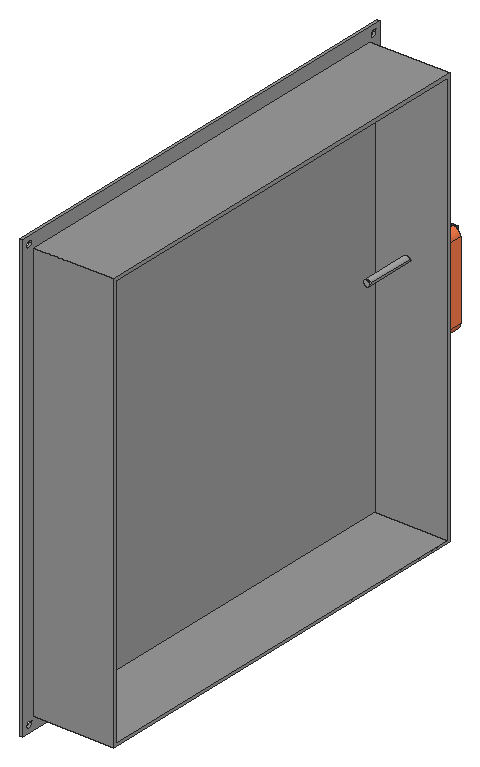
Revit family "КПД", category Арматура воздуховодов, Revit 2021
Family settings
  Размер круглого соединителя = Использовать диаметр
  Тип детали = Присоединяется
  На основе рабочей плоскости = Нет
  Всегда вертикально = Да
  При загрузке вырезать с полостями = Нет
  Общий = Нет
Parameters (values of type "КПД-800х800-1-ПВ24-СН")
  Размещение привода (снаружи) = yes
  Размещение привода (внутри) = no
  Отметка по умолчанию = 0 mm
  Количество створок = "1"
  Два фланца = no
  Hn = H + 10 mm  # 810 mm
  H3 = H / 2 - 100 mm  # 300 mm
  H2 = 860 mm
  Вес = "19 кг"
  H1 = 830 mm
  Bn = B + 10 mm  # 810 mm
  B3 = B1 / 2  # 415 mm
  B2 = 860 mm
  Voltage = 24 V
  Power = 18 VA
  Maximum Air Flow = 0.0 L/s
  Maintenance zone material = none
  Load Classification = "HVAC"
  H = 800 mm
  Grid Material = Cover Grid Cross
  B1 = 830 mm
  B = 800 mm
  Air Flow [instance] = 0.0 L/s
  09_System_Name [instance] = ""
  00_20_Type = "КПД-800х800-1-ПВ24-СН"
  00_20_Name = "Клапан протипожежний димовий"
  00_20_Manufacturer = "Вентс"  # constant formula
Types (185, lengths in mm): name | Размещение привода (снаружи) | Размещение привода (внутри) | Количество створок | Два фланца | Hn | H3 | H2 | Вес | H1 | Bn | B3 | B2 | Voltage | Power | H | B1 | B | 00_20_Type
  (no name) | yes | no | "1" | no | 810 | 300 | 860 | "19 кг" | 830 | 810 | 415 | 860 | 24 V | 18 VA | 800 | 830 | 800 | "КПД-800х800-1-ПВ24-СН"
  КПД-300х300-2-ПВ24-СН | yes | no | "1" | yes | 310 | 50 | 360 | "6.3 кг" | 330 | 310 | 165 | 360 | 24 V | 9 VA | 300 | 330 | 300 | "КПД-300х300-2-ПВ24-СН"
  КПД-1400х1400-2-ПВ24-СН | yes | no | "4" | yes | 1410 | 600 | 1460 | "48 кг" | 1430 | 1410 | 715 | 1460 | 24 V | 18 VA | 1400 | 1430 | 1400 | "КПД-1400х1400-2-ПВ24-СН"
  КПД-300х300-1-ПВ24-СН | yes | no | "1" | no | 310 | 50 | 360 | "6.3 кг" | 330 | 310 | 165 | 360 | 24 V | 9 VA | 300 | 330 | 300 | "КПД-300х300-1-ПВ24-СН"
  КПД-1400х1400-1-ПВ24-СН | yes | no | "4" | no | 1410 | 600 | 1460 | "48 кг" | 1430 | 1410 | 715 | 1460 | 24 V | 18 VA | 1400 | 1430 | 1400 | "КПД-1400х1400-1-ПВ24-СН"
  КПД-300х300-1-ПВ24-ВН | no | yes | "1" | no | 310 | 50 | 360 | "6.3 кг" | 330 | 310 | 165 | 360 | 24 V | 9 VA | 300 | 330 | 300 | "КПД-300х300-1-ПВ24-ВН"
  КПД-300х300-2-ПВ24-ВН | no | yes | "1" | yes | 310 | 50 | 360 | "6.3 кг" | 330 | 310 | 165 | 360 | 24 V | 9 VA | 300 | 330 | 300 | "КПД-300х300-2-ПВ24-ВН"
  КПД-1400х1400-1-ПВ24-ВН | no | yes | "4" | no | 1410 | 600 | 1460 | "48 кг" | 1430 | 1410 | 715 | 1460 | 24 V | 18 VA | 1400 | 1430 | 1400 | "КПД-1400х1400-1-ПВ24-ВН"
  КПД-1400х1400-2-ПВ24-ВН | no | yes | "4" | yes | 1410 | 600 | 1460 | "48 кг" | 1430 | 1410 | 715 | 1460 | 24 V | 18 VA | 1400 | 1430 | 1400 | "КПД-1400х1400-2-ПВ24-ВН"
  КПД-300х300-1-ПВ230-ВН | no | yes | "1" | no | 310 | 50 | 360 | "6.3 кг" | 330 | 310 | 165 | 360 | 230 V | 12 VA | 300 | 330 | 300 | "КПД-300х300-1-ПВ230-ВН"
  КПД-300х300-1-ПВ230-СН | yes | no | "1" | no | 310 | 50 | 360 | "6.3 кг" | 330 | 310 | 165 | 360 | 230 V | 12 VA | 300 | 330 | 300 | "КПД-300х300-1-ПВ230-СН"
  КПД-300х300-2-ПВ230-ВН | no | yes | "1" | yes | 310 | 50 | 360 | "6.3 кг" | 330 | 310 | 165 | 360 | 230 V | 12 VA | 300 | 330 | 300 | "КПД-300х300-2-ПВ230-ВН"
  КПД-300х300-2-ПВ230-СН | yes | no | "1" | yes | 310 | 50 | 360 | "6.3 кг" | 330 | 310 | 165 | 360 | 230 V | 12 VA | 300 | 330 | 300 | "КПД-300х300-2-ПВ230-СН"
  КПД-1400х1400-1-ПВ230-ВН | no | yes | "4" | no | 1410 | 600 | 1460 | "48 кг" | 1430 | 1410 | 715 | 1460 | 230 V | 15 VA | 1400 | 1430 | 1400 | "КПД-1400х1400-1-ПВ230-ВН"
  КПД-1400х1400-1-ПВ230-СН | yes | no | "4" | no | 1410 | 600 | 1460 | "48 кг" | 1430 | 1410 | 715 | 1460 | 230 V | 15 VA | 1400 | 1430 | 1400 | "КПД-1400х1400-1-ПВ230-СН"
  КПД-1400х1400-2-ПВ230-ВН | no | yes | "4" | yes | 1410 | 600 | 1460 | "48 кг" | 1430 | 1410 | 715 | 1460 | 230 V | 15 VA | 1400 | 1430 | 1400 | "КПД-1400х1400-2-ПВ230-ВН"
  КПД-1400х1400-2-ПВ230-СН | yes | no | "4" | yes | 1410 | 600 | 1460 | "48 кг" | 1430 | 1410 | 715 | 1460 | 230 V | 15 VA | 1400 | 1430 | 1400 | "КПД-1400х1400-2-ПВ230-СН"
  КПД-350х350-1-ПВ230-ВН | no | yes | "1" | no | 360 | 75 | 410 | "7.3 кг" | 380 | 360 | 190 | 410 | 230 V | 12 VA | 350 | 380 | 350 | "КПД-350х350-1-ПВ230-ВН"
  КПД-350х350-1-ПВ230-СН | yes | no | "1" | no | 360 | 75 | 410 | "7.3 кг" | 380 | 360 | 190 | 410 | 230 V | 12 VA | 350 | 380 | 350 | "КПД-350х350-1-ПВ230-СН"
  КПД-350х350-1-ПВ24-ВН | no | yes | "1" | no | 360 | 75 | 410 | "7.3 кг" | 380 | 360 | 190 | 410 | 24 V | 9 VA | 350 | 380 | 350 | "КПД-350х350-1-ПВ24-ВН"
  КПД-350х350-1-ПВ24-СН | yes | no | "1" | no | 360 | 75 | 410 | "7.3 кг" | 380 | 360 | 190 | 410 | 24 V | 9 VA | 350 | 380 | 350 | "КПД-350х350-1-ПВ24-СН"
  КПД-350х350-2-ПВ230-ВН | no | yes | "1" | yes | 360 | 75 | 410 | "7.3 кг" | 380 | 360 | 190 | 410 | 230 V | 12 VA | 350 | 380 | 350 | "КПД-350х350-2-ПВ230-ВН"
  КПД-350х350-2-ПВ230-СН | yes | no | "1" | yes | 360 | 75 | 410 | "7.3 кг" | 380 | 360 | 190 | 410 | 230 V | 12 VA | 350 | 380 | 350 | "КПД-350х350-2-ПВ230-СН"
  КПД-350х350-2-ПВ24-ВН | no | yes | "1" | yes | 360 | 75 | 410 | "7.3 кг" | 380 | 360 | 190 | 410 | 24 V | 9 VA | 350 | 380 | 350 | "КПД-350х350-2-ПВ24-ВН"
  КПД-350х350-2-ПВ24-СН | yes | no | "1" | yes | 360 | 75 | 410 | "7.3 кг" | 380 | 360 | 190 | 410 | 24 V | 9 VA | 350 | 380 | 350 | "КПД-350х350-2-ПВ24-СН"
  КПД-400х400-1-ПВ230-ВН | no | yes | "1" | no | 410 | 100 | 460 | "8.2 кг" | 430 | 410 | 215 | 460 | 230 V | 12 VA | 400 | 430 | 400 | "КПД-400х400-1-ПВ230-ВН"
  КПД-400х400-1-ПВ230-СН | yes | no | "1" | no | 410 | 100 | 460 | "8.2 кг" | 430 | 410 | 215 | 460 | 230 V | 12 VA | 400 | 430 | 400 | "КПД-400х400-1-ПВ230-СН"
  КПД-400х400-1-ПВ24-СН | yes | no | "1" | no | 410 | 100 | 460 | "8.2 кг" | 430 | 410 | 215 | 460 | 24 V | 9 VA | 400 | 430 | 400 | "КПД-400х400-1-ПВ24-СН"
  КПД-400х400-1-ПВ24-ВН | no | yes | "1" | no | 410 | 100 | 460 | "8.2 кг" | 430 | 410 | 215 | 460 | 24 V | 9 VA | 400 | 430 | 400 | "КПД-400х400-1-ПВ24-ВН"
  КПД-400х400-2-ПВ230-ВН | no | yes | "1" | yes | 410 | 100 | 460 | "8.2 кг" | 430 | 410 | 215 | 460 | 230 V | 12 VA | 400 | 430 | 400 | "КПД-400х400-2-ПВ230-ВН"
  КПД-400х400-2-ПВ230-СН | yes | no | "1" | yes | 410 | 100 | 460 | "8.2 кг" | 430 | 410 | 215 | 460 | 230 V | 12 VA | 400 | 430 | 400 | "КПД-400х400-2-ПВ230-СН"
  КПД-400х400-2-ПВ24-ВН | no | yes | "1" | yes | 410 | 100 | 460 | "8.2 кг" | 430 | 410 | 215 | 460 | 24 V | 9 VA | 400 | 430 | 400 | "КПД-400х400-2-ПВ24-ВН"
  КПД-400х400-2-ПВ24-СН | yes | no | "1" | yes | 410 | 100 | 460 | "8.2 кг" | 430 | 410 | 215 | 460 | 24 V | 9 VA | 400 | 430 | 400 | "КПД-400х400-2-ПВ24-СН"
  КПД-450х450-1-ПВ230-ВН | no | yes | "1" | no | 460 | 125 | 510 | "9.5 кг" | 480 | 460 | 240 | 510 | 230 V | 12 VA | 450 | 480 | 450 | "КПД-450х450-1-ПВ230-ВН"
  КПД-450х450-1-ПВ230-СН | yes | no | "1" | no | 460 | 125 | 510 | "9.5 кг" | 480 | 460 | 240 | 510 | 230 V | 12 VA | 450 | 480 | 450 | "КПД-450х450-1-ПВ230-СН"
  КПД-450х450-1-ПВ24-ВН | no | yes | "1" | no | 460 | 125 | 510 | "9.5 кг" | 480 | 460 | 240 | 510 | 24 V | 9 VA | 450 | 480 | 450 | "КПД-450х450-1-ПВ24-ВН"
  КПД-450х450-1-ПВ24-СН | yes | no | "1" | no | 460 | 125 | 510 | "9.5 кг" | 480 | 460 | 240 | 510 | 24 V | 9 VA | 450 | 480 | 450 | "КПД-450х450-1-ПВ24-СН"
  КПД-450х450-2-ПВ230-ВН | no | yes | "1" | yes | 460 | 125 | 510 | "9.5 кг" | 480 | 460 | 240 | 510 | 230 V | 12 VA | 450 | 480 | 450 | "КПД-450х450-2-ПВ230-ВН"
  КПД-450х450-2-ПВ230-СН | yes | no | "1" | yes | 460 | 125 | 510 | "9.5 кг" | 480 | 460 | 240 | 510 | 230 V | 12 VA | 450 | 480 | 450 | "КПД-450х450-2-ПВ230-СН"
  КПД-450х450-2-ПВ24-ВН | no | yes | "1" | yes | 460 | 125 | 510 | "9.5 кг" | 480 | 460 | 240 | 510 | 24 V | 9 VA | 450 | 480 | 450 | "КПД-450х450-2-ПВ24-ВН"
  КПД-450х450-2-ПВ24-СН | yes | no | "1" | yes | 460 | 125 | 510 | "9.5 кг" | 480 | 460 | 240 | 510 | 24 V | 9 VA | 450 | 480 | 450 | "КПД-450х450-2-ПВ24-СН"
  КПД-500х500-1-ПВ230-ВН | no | yes | "1" | no | 510 | 150 | 560 | "10.6 кг" | 530 | 510 | 265 | 560 | 230 V | 12 VA | 500 | 530 | 500 | "КПД-500х500-1-ПВ230-ВН"
  КПД-500х500-1-ПВ230-СН | yes | no | "1" | no | 510 | 150 | 560 | "10.6 кг" | 530 | 510 | 265 | 560 | 230 V | 12 VA | 500 | 530 | 500 | "КПД-500х500-1-ПВ230-СН"
  КПД-500х500-1-ПВ24-ВН | no | yes | "1" | no | 510 | 150 | 560 | "10.6 кг" | 530 | 510 | 265 | 560 | 24 V | 9 VA | 500 | 530 | 500 | "КПД-500х500-1-ПВ24-ВН"
  КПД-500х500-1-ПВ24-СН | yes | no | "1" | no | 510 | 150 | 560 | "10.6 кг" | 530 | 510 | 265 | 560 | 24 V | 9 VA | 500 | 530 | 500 | "КПД-500х500-1-ПВ24-СН"
  КПД-500х500-2-ПВ230-ВН | no | yes | "1" | yes | 510 | 150 | 560 | "10.6 кг" | 530 | 510 | 265 | 560 | 230 V | 12 VA | 500 | 530 | 500 | "КПД-500х500-2-ПВ230-ВН"
  КПД-500х500-2-ПВ230-СН | yes | no | "1" | yes | 510 | 150 | 560 | "10.6 кг" | 530 | 510 | 265 | 560 | 230 V | 12 VA | 500 | 530 | 500 | "КПД-500х500-2-ПВ230-СН"
  КПД-500х500-2-ПВ24-ВН | no | yes | "1" | yes | 510 | 150 | 560 | "10.6 кг" | 530 | 510 | 265 | 560 | 24 V | 9 VA | 500 | 530 | 500 | "КПД-500х500-2-ПВ24-ВН"
  КПД-500х500-2-ПВ24-СН | yes | no | "1" | yes | 510 | 150 | 560 | "10.6 кг" | 530 | 510 | 265 | 560 | 24 V | 9 VA | 500 | 530 | 500 | "КПД-500х500-2-ПВ24-СН"
  КПД-550х550-1-ПВ230-ВН | no | yes | "1" | no | 560 | 175 | 610 | "11.9 кг" | 580 | 560 | 290 | 610 | 230 V | 15 VA | 550 | 580 | 550 | "КПД-550х550-1-ПВ230-ВН"
  КПД-550х550-1-ПВ230-СН | yes | no | "1" | no | 560 | 175 | 610 | "11.9 кг" | 580 | 560 | 290 | 610 | 230 V | 15 VA | 550 | 580 | 550 | "КПД-550х550-1-ПВ230-СН"
  КПД-550х550-1-ПВ24-ВН | no | yes | "1" | no | 560 | 175 | 610 | "11.9 кг" | 580 | 560 | 290 | 610 | 24 V | 18 VA | 550 | 580 | 550 | "КПД-550х550-1-ПВ24-ВН"
  КПД-550х550-1-ПВ24-СН | yes | no | "1" | no | 560 | 175 | 610 | "11.9 кг" | 580 | 560 | 290 | 610 | 24 V | 18 VA | 550 | 580 | 550 | "КПД-550х550-1-ПВ24-СН"
  КПД-550х550-2-ПВ230-ВН | no | yes | "1" | yes | 560 | 175 | 610 | "11.9 кг" | 580 | 560 | 290 | 610 | 230 V | 15 VA | 550 | 580 | 550 | "КПД-550х550-2-ПВ230-ВН"
  КПД-550х550-2-ПВ230-СН | yes | no | "1" | yes | 560 | 175 | 610 | "11.9 кг" | 580 | 560 | 290 | 610 | 230 V | 15 VA | 550 | 580 | 550 | "КПД-550х550-2-ПВ230-СН"
  КПД-550х550-2-ПВ24-ВН | no | yes | "1" | yes | 560 | 175 | 610 | "11.9 кг" | 580 | 560 | 290 | 610 | 24 V | 18 VA | 550 | 580 | 550 | "КПД-550х550-2-ПВ24-ВН"
  КПД-550х550-2-ПВ24-СН | yes | no | "1" | yes | 560 | 175 | 610 | "11.9 кг" | 580 | 560 | 290 | 610 | 24 V | 18 VA | 550 | 580 | 550 | "КПД-550х550-2-ПВ24-СН"
  КПД-600х600-1-ПВ230-ВН | no | yes | "1" | no | 610 | 200 | 660 | "13.2 кг" | 630 | 610 | 315 | 660 | 230 V | 15 VA | 600 | 630 | 600 | "КПД-600х600-1-ПВ230-ВН"
  КПД-600х600-1-ПВ230-СН | yes | no | "1" | no | 610 | 200 | 660 | "13.2 кг" | 630 | 610 | 315 | 660 | 230 V | 15 VA | 600 | 630 | 600 | "КПД-600х600-1-ПВ230-СН"
  КПД-600х600-1-ПВ24-ВН | no | yes | "1" | no | 610 | 200 | 660 | "13.2 кг" | 630 | 610 | 315 | 660 | 24 V | 18 VA | 600 | 630 | 600 | "КПД-600х600-1-ПВ24-ВН"
  КПД-600х600-1-ПВ24-СН | yes | no | "1" | no | 610 | 200 | 660 | "13.2 кг" | 630 | 610 | 315 | 660 | 24 V | 18 VA | 600 | 630 | 600 | "КПД-600х600-1-ПВ24-СН"
  КПД-600х600-2-ПВ230-ВН | no | yes | "1" | yes | 610 | 200 | 660 | "13.2 кг" | 630 | 610 | 315 | 660 | 230 V | 15 VA | 600 | 630 | 600 | "КПД-600х600-2-ПВ230-ВН"
  КПД-600х600-2-ПВ230-СН | yes | no | "1" | yes | 610 | 200 | 660 | "13.2 кг" | 630 | 610 | 315 | 660 | 230 V | 15 VA | 600 | 630 | 600 | "КПД-600х600-2-ПВ230-СН"
  КПД-600х600-2-ПВ24-ВН | no | yes | "1" | yes | 610 | 200 | 660 | "13.2 кг" | 630 | 610 | 315 | 660 | 24 V | 18 VA | 600 | 630 | 600 | "КПД-600х600-2-ПВ24-ВН"
  КПД-600х600-2-ПВ24-СН | yes | no | "1" | yes | 610 | 200 | 660 | "13.2 кг" | 630 | 610 | 315 | 660 | 24 V | 18 VA | 600 | 630 | 600 | "КПД-600х600-2-ПВ24-СН"
  КПД-650х650-1-ПВ230-ВН | no | yes | "1" | no | 660 | 225 | 710 | "14.5 кг" | 680 | 660 | 340 | 710 | 230 V | 15 VA | 650 | 680 | 650 | "КПД-650х650-1-ПВ230-ВН"
  КПД-650х650-1-ПВ230-СН | yes | no | "1" | no | 660 | 225 | 710 | "14.5 кг" | 680 | 660 | 340 | 710 | 230 V | 15 VA | 650 | 680 | 650 | "КПД-650х650-1-ПВ230-СН"
  КПД-650х650-1-ПВ24-ВН | no | yes | "1" | no | 660 | 225 | 710 | "14.5 кг" | 680 | 660 | 340 | 710 | 24 V | 18 VA | 650 | 680 | 650 | "КПД-650х650-1-ПВ24-ВН"
  КПД-650х650-1-ПВ24-СН | yes | no | "1" | no | 660 | 225 | 710 | "14.5 кг" | 680 | 660 | 340 | 710 | 24 V | 18 VA | 650 | 680 | 650 | "КПД-650х650-1-ПВ24-СН"
  КПД-650х650-2-ПВ230-ВН | no | yes | "1" | yes | 660 | 225 | 710 | "14.5 кг" | 680 | 660 | 340 | 710 | 230 V | 15 VA | 650 | 680 | 650 | "КПД-650х650-2-ПВ230-ВН"
  КПД-650х650-2-ПВ230-СН | yes | no | "1" | yes | 660 | 225 | 710 | "14.5 кг" | 680 | 660 | 340 | 710 | 230 V | 15 VA | 650 | 680 | 650 | "КПД-650х650-2-ПВ230-СН"
  КПД-650х650-2-ПВ24-ВН | no | yes | "1" | yes | 660 | 225 | 710 | "14.5 кг" | 680 | 660 | 340 | 710 | 24 V | 18 VA | 650 | 680 | 650 | "КПД-650х650-2-ПВ24-ВН"
  КПД-650х650-2-ПВ24-СН | yes | no | "1" | yes | 660 | 225 | 710 | "14.5 кг" | 680 | 660 | 340 | 710 | 24 V | 18 VA | 650 | 680 | 650 | "КПД-650х650-2-ПВ24-СН"
  КПД-700х700-1-ПВ230-ВН | no | yes | "1" | no | 710 | 250 | 760 | "16 кг" | 730 | 710 | 365 | 760 | 230 V | 15 VA | 700 | 730 | 700 | "КПД-700х700-1-ПВ230-ВН"
  КПД-700х700-1-ПВ230-СН | yes | no | "1" | no | 710 | 250 | 760 | "16 кг" | 730 | 710 | 365 | 760 | 230 V | 15 VA | 700 | 730 | 700 | "КПД-700х700-1-ПВ230-СН"
  КПД-700х700-1-ПВ24-ВН | no | yes | "1" | no | 710 | 250 | 760 | "16 кг" | 730 | 710 | 365 | 760 | 24 V | 18 VA | 700 | 730 | 700 | "КПД-700х700-1-ПВ24-ВН"
  КПД-700х700-1-ПВ24-СН | yes | no | "1" | no | 710 | 250 | 760 | "16 кг" | 730 | 710 | 365 | 760 | 24 V | 18 VA | 700 | 730 | 700 | "КПД-700х700-1-ПВ24-СН"
  КПД-700х700-2-ПВ230-ВН | no | yes | "1" | yes | 710 | 250 | 760 | "16 кг" | 730 | 710 | 365 | 760 | 230 V | 15 VA | 700 | 730 | 700 | "КПД-700х700-2-ПВ230-ВН"
  КПД-700х700-2-ПВ230-СН | yes | no | "1" | yes | 710 | 250 | 760 | "16 кг" | 730 | 710 | 365 | 760 | 230 V | 15 VA | 700 | 730 | 700 | "КПД-700х700-2-ПВ230-СН"
  КПД-700х700-2-ПВ24-ВН | no | yes | "1" | yes | 710 | 250 | 760 | "16 кг" | 730 | 710 | 365 | 760 | 24 V | 18 VA | 700 | 730 | 700 | "КПД-700х700-2-ПВ24-ВН"
  КПД-700х700-2-ПВ24-СН | yes | no | "1" | yes | 710 | 250 | 760 | "16 кг" | 730 | 710 | 365 | 760 | 24 V | 18 VA | 700 | 730 | 700 | "КПД-700х700-2-ПВ24-СН"
  КПД-750х750-1-ПВ230-ВН | no | yes | "1" | no | 760 | 275 | 810 | "17.4 кг" | 780 | 760 | 390 | 810 | 230 V | 15 VA | 750 | 780 | 750 | "КПД-750х750-1-ПВ230-ВН"
  КПД-750х750-1-ПВ230-СН | yes | no | "1" | no | 760 | 275 | 810 | "17.4 кг" | 780 | 760 | 390 | 810 | 230 V | 15 VA | 750 | 780 | 750 | "КПД-750х750-1-ПВ230-СН"
  КПД-750х750-1-ПВ24-ВН | no | yes | "1" | no | 760 | 275 | 810 | "17.4 кг" | 780 | 760 | 390 | 810 | 24 V | 18 VA | 750 | 780 | 750 | "КПД-750х750-1-ПВ24-ВН"
  КПД-750х750-1-ПВ24-СН | yes | no | "1" | no | 760 | 275 | 810 | "17.4 кг" | 780 | 760 | 390 | 810 | 24 V | 18 VA | 750 | 780 | 750 | "КПД-750х750-1-ПВ24-СН"
  КПД-750х750-2-ПВ230-ВН | no | yes | "1" | yes | 760 | 275 | 810 | "17.4 кг" | 780 | 760 | 390 | 810 | 230 V | 15 VA | 750 | 780 | 750 | "КПД-750х750-2-ПВ230-ВН"
  КПД-750х750-2-ПВ230-СН | yes | no | "1" | yes | 760 | 275 | 810 | "17.4 кг" | 780 | 760 | 390 | 810 | 230 V | 15 VA | 750 | 780 | 750 | "КПД-750х750-2-ПВ230-СН"
  КПД-750х750-2-ПВ24-ВН | no | yes | "1" | yes | 760 | 275 | 810 | "17.4 кг" | 780 | 760 | 390 | 810 | 24 V | 18 VA | 750 | 780 | 750 | "КПД-750х750-2-ПВ24-ВН"
  КПД-750х750-2-ПВ24-СН | yes | no | "1" | yes | 760 | 275 | 810 | "17.4 кг" | 780 | 760 | 390 | 810 | 24 V | 18 VA | 750 | 780 | 750 | "КПД-750х750-2-ПВ24-СН"
  КПД-800х800-1-ПВ230-ВН | no | yes | "1" | no | 810 | 300 | 860 | "19 кг" | 830 | 810 | 415 | 860 | 230 V | 15 VA | 800 | 830 | 800 | "КПД-800х800-1-ПВ230-ВН"
  КПД-800х800-1-ПВ230-СН | yes | no | "1" | no | 810 | 300 | 860 | "19 кг" | 830 | 810 | 415 | 860 | 230 V | 15 VA | 800 | 830 | 800 | "КПД-800х800-1-ПВ230-СН"
  КПД-800х800-1-ПВ24-ВН | no | yes | "1" | no | 810 | 300 | 860 | "19 кг" | 830 | 810 | 415 | 860 | 24 V | 18 VA | 800 | 830 | 800 | "КПД-800х800-1-ПВ24-ВН"
  КПД-800х800-1-ПВ24-СН | yes | no | "1" | no | 810 | 300 | 860 | "19 кг" | 830 | 810 | 415 | 860 | 24 V | 18 VA | 800 | 830 | 800 | "КПД-800х800-1-ПВ24-СН"
  КПД-800х800-2-ПВ230-ВН | no | yes | "1" | yes | 810 | 300 | 860 | "19 кг" | 830 | 810 | 415 | 860 | 230 V | 15 VA | 800 | 830 | 800 | "КПД-800х800-2-ПВ230-ВН"
  КПД-800х800-2-ПВ230-СН | yes | no | "1" | yes | 810 | 300 | 860 | "19 кг" | 830 | 810 | 415 | 860 | 230 V | 15 VA | 800 | 830 | 800 | "КПД-800х800-2-ПВ230-СН"
  КПД-800х800-2-ПВ24-ВН | no | yes | "1" | yes | 810 | 300 | 860 | "19 кг" | 830 | 810 | 415 | 860 | 24 V | 18 VA | 800 | 830 | 800 | "КПД-800х800-2-ПВ24-ВН"
  КПД-800х800-2-ПВ24-СН | yes | no | "1" | yes | 810 | 300 | 860 | "19 кг" | 830 | 810 | 415 | 860 | 24 V | 18 VA | 800 | 830 | 800 | "КПД-800х800-2-ПВ24-СН"
  КПД-850х850-1-ПВ230-ВН | no | yes | "1" | no | 860 | 325 | 910 | "20.6 кг" | 880 | 860 | 440 | 910 | 230 V | 15 VA | 850 | 880 | 850 | "КПД-850х850-1-ПВ230-ВН"
  КПД-850х850-1-ПВ230-СН | yes | no | "1" | no | 860 | 325 | 910 | "20.6 кг" | 880 | 860 | 440 | 910 | 230 V | 15 VA | 850 | 880 | 850 | "КПД-850х850-1-ПВ230-СН"
  КПД-850х850-1-ПВ24-ВН | no | yes | "1" | no | 860 | 325 | 910 | "20.6 кг" | 880 | 860 | 440 | 910 | 24 V | 18 VA | 850 | 880 | 850 | "КПД-850х850-1-ПВ24-ВН"
  КПД-850х850-1-ПВ24-СН | yes | no | "1" | no | 860 | 325 | 910 | "20.6 кг" | 880 | 860 | 440 | 910 | 24 V | 18 VA | 850 | 880 | 850 | "КПД-850х850-1-ПВ24-СН"
  КПД-850х850-2-ПВ230-ВН | no | yes | "1" | yes | 860 | 325 | 910 | "20.6 кг" | 880 | 860 | 440 | 910 | 230 V | 15 VA | 850 | 880 | 850 | "КПД-850х850-2-ПВ230-ВН"
  КПД-850х850-2-ПВ230-СН | yes | no | "1" | yes | 860 | 325 | 910 | "20.6 кг" | 880 | 860 | 440 | 910 | 230 V | 15 VA | 850 | 880 | 850 | "КПД-850х850-2-ПВ230-СН"
  КПД-850х850-2-ПВ24-ВН | no | yes | "1" | yes | 860 | 325 | 910 | "20.6 кг" | 880 | 860 | 440 | 910 | 24 V | 18 VA | 850 | 880 | 850 | "КПД-850х850-2-ПВ24-ВН"
  КПД-850х850-2-ПВ24-СН | yes | no | "1" | yes | 860 | 325 | 910 | "20.6 кг" | 880 | 860 | 440 | 910 | 24 V | 18 VA | 850 | 880 | 850 | "КПД-850х850-2-ПВ24-СН"
  КПД-900х900-1-ПВ230-ВН | no | yes | "1" | no | 910 | 350 | 960 | "19 кг" | 930 | 910 | 465 | 960 | 230 V | 15 VA | 900 | 930 | 900 | "КПД-900х900-1-ПВ230-ВН"
  КПД-900х900-1-ПВ230-СН | yes | no | "1" | no | 910 | 350 | 960 | "19 кг" | 930 | 910 | 465 | 960 | 230 V | 15 VA | 900 | 930 | 900 | "КПД-900х900-1-ПВ230-СН"
  КПД-900х900-1-ПВ24-ВН | no | yes | "1" | no | 910 | 350 | 960 | "19 кг" | 930 | 910 | 465 | 960 | 24 V | 18 VA | 900 | 930 | 900 | "КПД-900х900-1-ПВ24-ВН"
  КПД-900х900-1-ПВ24-СН | yes | no | "1" | no | 910 | 350 | 960 | "19 кг" | 930 | 910 | 465 | 960 | 24 V | 18 VA | 900 | 930 | 900 | "КПД-900х900-1-ПВ24-СН"
  КПД-900х900-2-ПВ230-ВН | no | yes | "1" | yes | 910 | 350 | 960 | "19 кг" | 930 | 910 | 465 | 960 | 230 V | 15 VA | 900 | 930 | 900 | "КПД-900х900-2-ПВ230-ВН"
  КПД-900х900-2-ПВ230-СН | yes | no | "1" | yes | 910 | 350 | 960 | "19 кг" | 930 | 910 | 465 | 960 | 230 V | 15 VA | 900 | 930 | 900 | "КПД-900х900-2-ПВ230-СН"
  КПД-900х900-2-ПВ24-ВН | no | yes | "1" | yes | 910 | 350 | 960 | "19 кг" | 930 | 910 | 465 | 960 | 24 V | 18 VA | 900 | 930 | 900 | "КПД-900х900-2-ПВ24-ВН"
  КПД-900х900-2-ПВ24-СН | yes | no | "1" | yes | 910 | 350 | 960 | "19 кг" | 930 | 910 | 465 | 960 | 24 V | 18 VA | 900 | 930 | 900 | "КПД-900х900-2-ПВ24-СН"
  КПД-950х950-1-ПВ230-ВН | no | yes | "1" | no | 960 | 375 | 1010 | "23.9 кг" | 980 | 960 | 490 | 1010 | 230 V | 15 VA | 950 | 980 | 950 | "КПД-950х950-1-ПВ230-ВН"
  КПД-950х950-1-ПВ230-СН | yes | no | "1" | no | 960 | 375 | 1010 | "23.9 кг" | 980 | 960 | 490 | 1010 | 230 V | 15 VA | 950 | 980 | 950 | "КПД-950х950-1-ПВ230-СН"
  КПД-950х950-1-ПВ24-ВН | no | yes | "1" | no | 960 | 375 | 1010 | "23.9 кг" | 980 | 960 | 490 | 1010 | 24 V | 18 VA | 950 | 980 | 950 | "КПД-950х950-1-ПВ24-ВН"
  КПД-950х950-1-ПВ24-СН | yes | no | "1" | no | 960 | 375 | 1010 | "23.9 кг" | 980 | 960 | 490 | 1010 | 24 V | 18 VA | 950 | 980 | 950 | "КПД-950х950-1-ПВ24-СН"
  КПД-950х950-2-ПВ230-ВН | no | yes | "1" | yes | 960 | 375 | 1010 | "23.9 кг" | 980 | 960 | 490 | 1010 | 230 V | 15 VA | 950 | 980 | 950 | "КПД-950х950-2-ПВ230-ВН"
  КПД-950х950-2-ПВ230-СН | yes | no | "1" | yes | 960 | 375 | 1010 | "23.9 кг" | 980 | 960 | 490 | 1010 | 230 V | 15 VA | 950 | 980 | 950 | "КПД-950х950-2-ПВ230-СН"
  КПД-950х950-2-ПВ24-ВН | no | yes | "1" | yes | 960 | 375 | 1010 | "23.9 кг" | 980 | 960 | 490 | 1010 | 24 V | 18 VA | 950 | 980 | 950 | "КПД-950х950-2-ПВ24-ВН"
  КПД-950х950-2-ПВ24-СН | yes | no | "1" | yes | 960 | 375 | 1010 | "23.9 кг" | 980 | 960 | 490 | 1010 | 24 V | 18 VA | 950 | 980 | 950 | "КПД-950х950-2-ПВ24-СН"
  КПД-1000х1000-1-ПВ230-ВН | no | yes | "1" | no | 1010 | 400 | 1060 | "25.6 кг" | 1030 | 1010 | 515 | 1060 | 230 V | 15 VA | 1000 | 1030 | 1000 | "КПД-1000х1000-1-ПВ230-ВН"
  КПД-1000х1000-1-ПВ230-СН | yes | no | "1" | no | 1010 | 400 | 1060 | "25.6 кг" | 1030 | 1010 | 515 | 1060 | 230 V | 15 VA | 1000 | 1030 | 1000 | "КПД-1000х1000-1-ПВ230-СН"
  КПД-1000х1000-1-ПВ24-ВН | no | yes | "1" | no | 1010 | 400 | 1060 | "25.6 кг" | 1030 | 1010 | 515 | 1060 | 24 V | 18 VA | 1000 | 1030 | 1000 | "КПД-1000х1000-1-ПВ24-ВН"
  КПД-1000х1000-1-ПВ24-СН | yes | no | "1" | no | 1010 | 400 | 1060 | "25.6 кг" | 1030 | 1010 | 515 | 1060 | 24 V | 18 VA | 1000 | 1030 | 1000 | "КПД-1000х1000-1-ПВ24-СН"
  КПД-1000х1000-2-ПВ230-ВН | no | yes | "1" | yes | 1010 | 400 | 1060 | "25.6 кг" | 1030 | 1010 | 515 | 1060 | 230 V | 15 VA | 1000 | 1030 | 1000 | "КПД-1000х1000-2-ПВ230-ВН"
  КПД-1000х1000-2-ПВ230-СН | yes | no | "1" | yes | 1010 | 400 | 1060 | "25.6 кг" | 1030 | 1010 | 515 | 1060 | 230 V | 15 VA | 1000 | 1030 | 1000 | "КПД-1000х1000-2-ПВ230-СН"
  КПД-1000х1000-2-ПВ24-ВН | no | yes | "1" | yes | 1010 | 400 | 1060 | "25.6 кг" | 1030 | 1010 | 515 | 1060 | 24 V | 18 VA | 1000 | 1030 | 1000 | "КПД-1000х1000-2-ПВ24-ВН"
  КПД-1000х1000-2-ПВ24-СН | yes | no | "1" | yes | 1010 | 400 | 1060 | "25.6 кг" | 1030 | 1010 | 515 | 1060 | 24 V | 18 VA | 1000 | 1030 | 1000 | "КПД-1000х1000-2-ПВ24-СН"
  КПД-1050х1050-1-ПВ230-ВН | no | yes | "2" | no | 1060 | 425 | 1110 | "28 кг" | 1080 | 1060 | 540 | 1110 | 230 V | 15 VA | 1050 | 1080 | 1050 | "КПД-1050х1050-1-ПВ230-ВН"
  КПД-1050х1050-1-ПВ230-СН | yes | no | "2" | no | 1060 | 425 | 1110 | "28 кг" | 1080 | 1060 | 540 | 1110 | 230 V | 15 VA | 1050 | 1080 | 1050 | "КПД-1050х1050-1-ПВ230-СН"
  КПД-1050х1050-1-ПВ24-ВН | no | yes | "2" | no | 1060 | 425 | 1110 | "28 кг" | 1080 | 1060 | 540 | 1110 | 24 V | 18 VA | 1050 | 1080 | 1050 | "КПД-1050х1050-1-ПВ24-ВН"
  КПД-1050х1050-1-ПВ24-СН | yes | no | "2" | no | 1060 | 425 | 1110 | "28 кг" | 1080 | 1060 | 540 | 1110 | 24 V | 18 VA | 1050 | 1080 | 1050 | "КПД-1050х1050-1-ПВ24-СН"
  КПД-1050х1050-2-ПВ230-ВН | no | yes | "2" | yes | 1060 | 425 | 1110 | "28 кг" | 1080 | 1060 | 540 | 1110 | 230 V | 15 VA | 1050 | 1080 | 1050 | "КПД-1050х1050-2-ПВ230-ВН"
  КПД-1050х1050-2-ПВ230-СН | yes | no | "2" | yes | 1060 | 425 | 1110 | "28 кг" | 1080 | 1060 | 540 | 1110 | 230 V | 15 VA | 1050 | 1080 | 1050 | "КПД-1050х1050-2-ПВ230-СН"
  КПД-1050х1050-2-ПВ24-ВН | no | yes | "2" | yes | 1060 | 425 | 1110 | "28 кг" | 1080 | 1060 | 540 | 1110 | 24 V | 18 VA | 1050 | 1080 | 1050 | "КПД-1050х1050-2-ПВ24-ВН"
  КПД-1050х1050-2-ПВ24-СН | yes | no | "2" | yes | 1060 | 425 | 1110 | "28 кг" | 1080 | 1060 | 540 | 1110 | 24 V | 18 VA | 1050 | 1080 | 1050 | "КПД-1050х1050-2-ПВ24-СН"
  КПД-1100х1100-1-ПВ230-ВН | no | yes | "2" | no | 1110 | 450 | 1160 | "30.5 кг" | 1130 | 1110 | 565 | 1160 | 230 V | 15 VA | 1100 | 1130 | 1100 | "КПД-1100х1100-1-ПВ230-ВН"
  КПД-1100х1100-1-ПВ230-СН | yes | no | "2" | no | 1110 | 450 | 1160 | "30.5 кг" | 1130 | 1110 | 565 | 1160 | 230 V | 15 VA | 1100 | 1130 | 1100 | "КПД-1100х1100-1-ПВ230-СН"
  КПД-1100х1100-1-ПВ24-ВН | no | yes | "2" | no | 1110 | 450 | 1160 | "30.5 кг" | 1130 | 1110 | 565 | 1160 | 24 V | 18 VA | 1100 | 1130 | 1100 | "КПД-1100х1100-1-ПВ24-ВН"
  КПД-1100х1100-1-ПВ24-СН | yes | no | "2" | no | 1110 | 450 | 1160 | "30.5 кг" | 1130 | 1110 | 565 | 1160 | 24 V | 18 VA | 1100 | 1130 | 1100 | "КПД-1100х1100-1-ПВ24-СН"
  КПД-1100х1100-2-ПВ230-ВН | no | yes | "2" | yes | 1110 | 450 | 1160 | "30.5 кг" | 1130 | 1110 | 565 | 1160 | 230 V | 15 VA | 1100 | 1130 | 1100 | "КПД-1100х1100-2-ПВ230-ВН"
  КПД-1100х1100-2-ПВ230-СН | yes | no | "2" | yes | 1110 | 450 | 1160 | "30.5 кг" | 1130 | 1110 | 565 | 1160 | 230 V | 15 VA | 1100 | 1130 | 1100 | "КПД-1100х1100-2-ПВ230-СН"
  КПД-1100х1100-2-ПВ24-ВН | no | yes | "2" | yes | 1110 | 450 | 1160 | "30.5 кг" | 1130 | 1110 | 565 | 1160 | 24 V | 18 VA | 1100 | 1130 | 1100 | "КПД-1100х1100-2-ПВ24-ВН"
  КПД-1100х1100-2-ПВ24-СН | yes | no | "2" | yes | 1110 | 450 | 1160 | "30.5 кг" | 1130 | 1110 | 565 | 1160 | 24 V | 18 VA | 1100 | 1130 | 1100 | "КПД-1100х1100-2-ПВ24-СН"
  КПД-1150х1150-1-ПВ230-ВН | no | yes | "2" | no | 1160 | 475 | 1210 | "33 кг" | 1180 | 1160 | 590 | 1210 | 230 V | 15 VA | 1150 | 1180 | 1150 | "КПД-1150х1150-1-ПВ230-ВН"
  КПД-1150х1150-1-ПВ230-СН | yes | no | "2" | no | 1160 | 475 | 1210 | "33 кг" | 1180 | 1160 | 590 | 1210 | 230 V | 15 VA | 1150 | 1180 | 1150 | "КПД-1150х1150-1-ПВ230-СН"
  КПД-1150х1150-1-ПВ24-ВН | no | yes | "2" | no | 1160 | 475 | 1210 | "33 кг" | 1180 | 1160 | 590 | 1210 | 24 V | 18 VA | 1150 | 1180 | 1150 | "КПД-1150х1150-1-ПВ24-ВН"
  КПД-1150х1150-1-ПВ24-СН | yes | no | "2" | no | 1160 | 475 | 1210 | "33 кг" | 1180 | 1160 | 590 | 1210 | 24 V | 18 VA | 1150 | 1180 | 1150 | "КПД-1150х1150-1-ПВ24-СН"
  КПД-1150х1150-2-ПВ230-ВН | no | yes | "2" | yes | 1160 | 475 | 1210 | "33 кг" | 1180 | 1160 | 590 | 1210 | 230 V | 15 VA | 1150 | 1180 | 1150 | "КПД-1150х1150-2-ПВ230-ВН"
  КПД-1150х1150-2-ПВ230-СН | yes | no | "2" | yes | 1160 | 475 | 1210 | "33 кг" | 1180 | 1160 | 590 | 1210 | 230 V | 15 VA | 1150 | 1180 | 1150 | "КПД-1150х1150-2-ПВ230-СН"
  КПД-1150х1150-2-ПВ24-ВН | no | yes | "2" | yes | 1160 | 475 | 1210 | "33 кг" | 1180 | 1160 | 590 | 1210 | 24 V | 18 VA | 1150 | 1180 | 1150 | "КПД-1150х1150-2-ПВ24-ВН"
  КПД-1150х1150-2-ПВ24-СН | yes | no | "2" | yes | 1160 | 475 | 1210 | "33 кг" | 1180 | 1160 | 590 | 1210 | 24 V | 18 VA | 1150 | 1180 | 1150 | "КПД-1150х1150-2-ПВ24-СН"
  КПД-1200х1200-1-ПВ230-ВН | no | yes | "2" | no | 1210 | 500 | 1260 | "35.5 кг" | 1230 | 1210 | 615 | 1260 | 230 V | 15 VA | 1200 | 1230 | 1200 | "КПД-1200х1200-1-ПВ230-ВН"
  КПД-1200х1200-1-ПВ230-СН | yes | no | "2" | no | 1210 | 500 | 1260 | "35.5 кг" | 1230 | 1210 | 615 | 1260 | 230 V | 15 VA | 1200 | 1230 | 1200 | "КПД-1200х1200-1-ПВ230-СН"
  КПД-1200х1200-1-ПВ24-ВН | no | yes | "2" | no | 1210 | 500 | 1260 | "35.5 кг" | 1230 | 1210 | 615 | 1260 | 24 V | 18 VA | 1200 | 1230 | 1200 | "КПД-1200х1200-1-ПВ24-ВН"
  КПД-1200х1200-1-ПВ24-СН | yes | no | "2" | no | 1210 | 500 | 1260 | "35.5 кг" | 1230 | 1210 | 615 | 1260 | 24 V | 18 VA | 1200 | 1230 | 1200 | "КПД-1200х1200-1-ПВ24-СН"
  КПД-1200х1200-2-ПВ230-ВН | no | yes | "2" | yes | 1210 | 500 | 1260 | "35.5 кг" | 1230 | 1210 | 615 | 1260 | 230 V | 15 VA | 1200 | 1230 | 1200 | "КПД-1200х1200-2-ПВ230-ВН"
  КПД-1200х1200-2-ПВ230-СН | yes | no | "2" | yes | 1210 | 500 | 1260 | "35.5 кг" | 1230 | 1210 | 615 | 1260 | 230 V | 15 VA | 1200 | 1230 | 1200 | "КПД-1200х1200-2-ПВ230-СН"
  КПД-1200х1200-2-ПВ24-ВН | no | yes | "2" | yes | 1210 | 500 | 1260 | "35.5 кг" | 1230 | 1210 | 615 | 1260 | 24 V | 18 VA | 1200 | 1230 | 1200 | "КПД-1200х1200-2-ПВ24-ВН"
  КПД-1200х1200-2-ПВ24-СН | yes | no | "2" | yes | 1210 | 500 | 1260 | "35.5 кг" | 1230 | 1210 | 615 | 1260 | 24 V | 18 VA | 1200 | 1230 | 1200 | "КПД-1200х1200-2-ПВ24-СН"
  КПД-1250х1250-1-ПВ230-ВН | no | yes | "2" | no | 1260 | 525 | 1310 | "38 кг" | 1280 | 1260 | 640 | 1310 | 230 V | 15 VA | 1250 | 1280 | 1250 | "КПД-1250х1250-1-ПВ230-ВН"
  КПД-1250х1250-1-ПВ230-СН | yes | no | "2" | no | 1260 | 525 | 1310 | "38 кг" | 1280 | 1260 | 640 | 1310 | 230 V | 15 VA | 1250 | 1280 | 1250 | "КПД-1250х1250-1-ПВ230-СН"
  КПД-1250х1250-1-ПВ24-ВН | no | yes | "2" | no | 1260 | 525 | 1310 | "38 кг" | 1280 | 1260 | 640 | 1310 | 24 V | 18 VA | 1250 | 1280 | 1250 | "КПД-1250х1250-1-ПВ24-ВН"
  КПД-1250х1250-1-ПВ24-СН | yes | no | "2" | no | 1260 | 525 | 1310 | "38 кг" | 1280 | 1260 | 640 | 1310 | 24 V | 18 VA | 1250 | 1280 | 1250 | "КПД-1250х1250-1-ПВ24-СН"
  КПД-1250х1250-2-ПВ230-ВН | no | yes | "2" | yes | 1260 | 525 | 1310 | "38 кг" | 1280 | 1260 | 640 | 1310 | 230 V | 15 VA | 1250 | 1280 | 1250 | "КПД-1250х1250-2-ПВ230-ВН"
  КПД-1250х1250-2-ПВ230-СН | yes | no | "2" | yes | 1260 | 525 | 1310 | "38 кг" | 1280 | 1260 | 640 | 1310 | 230 V | 15 VA | 1250 | 1280 | 1250 | "КПД-1250х1250-2-ПВ230-СН"
  КПД-1250х1250-2-ПВ24-ВН | no | yes | "2" | yes | 1260 | 525 | 1310 | "38 кг" | 1280 | 1260 | 640 | 1310 | 24 V | 18 VA | 1250 | 1280 | 1250 | "КПД-1250х1250-2-ПВ24-ВН"
  КПД-1250х1250-2-ПВ24-СН | yes | no | "2" | yes | 1260 | 525 | 1310 | "38 кг" | 1280 | 1260 | 640 | 1310 | 24 V | 18 VA | 1250 | 1280 | 1250 | "КПД-1250х1250-2-ПВ24-СН"
  КПД-1300х1300-1-ПВ230-ВН | no | yes | "4" | no | 1310 | 550 | 1360 | "42 кг" | 1330 | 1310 | 665 | 1360 | 230 V | 15 VA | 1300 | 1330 | 1300 | "КПД-1300х1300-1-ПВ230-ВН"
  КПД-1300х1300-1-ПВ230-СН | yes | no | "4" | no | 1310 | 550 | 1360 | "42 кг" | 1330 | 1310 | 665 | 1360 | 230 V | 15 VA | 1300 | 1330 | 1300 | "КПД-1300х1300-1-ПВ230-СН"
  КПД-1300х1300-1-ПВ24-ВН | no | yes | "4" | no | 1310 | 550 | 1360 | "42 кг" | 1330 | 1310 | 665 | 1360 | 24 V | 18 VA | 1300 | 1330 | 1300 | "КПД-1300х1300-1-ПВ24-ВН"
  КПД-1300х1300-1-ПВ24-СН | yes | no | "4" | no | 1310 | 550 | 1360 | "42 кг" | 1330 | 1310 | 665 | 1360 | 24 V | 18 VA | 1300 | 1330 | 1300 | "КПД-1300х1300-1-ПВ24-СН"
  КПД-1300х1300-2-ПВ230-ВН | no | yes | "4" | yes | 1310 | 550 | 1360 | "42 кг" | 1330 | 1310 | 665 | 1360 | 230 V | 15 VA | 1300 | 1330 | 1300 | "КПД-1300х1300-2-ПВ230-ВН"
  КПД-1300х1300-2-ПВ230-СН | yes | no | "4" | yes | 1310 | 550 | 1360 | "42 кг" | 1330 | 1310 | 665 | 1360 | 230 V | 15 VA | 1300 | 1330 | 1300 | "КПД-1300х1300-2-ПВ230-СН"
  КПД-1300х1300-2-ПВ24-ВН | no | yes | "4" | yes | 1310 | 550 | 1360 | "42 кг" | 1330 | 1310 | 665 | 1360 | 24 V | 18 VA | 1300 | 1330 | 1300 | "КПД-1300х1300-2-ПВ24-ВН"
  КПД-1300х1300-2-ПВ24-СН | yes | no | "4" | yes | 1310 | 550 | 1360 | "42 кг" | 1330 | 1310 | 665 | 1360 | 24 V | 18 VA | 1300 | 1330 | 1300 | "КПД-1300х1300-2-ПВ24-СН"
  КПД-1350х1350-1-ПВ230-ВН | no | yes | "4" | no | 1360 | 575 | 1410 | "45 кг" | 1380 | 1360 | 690 | 1410 | 230 V | 15 VA | 1350 | 1380 | 1350 | "КПД-1350х1350-1-ПВ230-ВН"
  КПД-1350х1350-1-ПВ230-СН | yes | no | "4" | no | 1360 | 575 | 1410 | "45 кг" | 1380 | 1360 | 690 | 1410 | 230 V | 15 VA | 1350 | 1380 | 1350 | "КПД-1350х1350-1-ПВ230-СН"
  КПД-1350х1350-1-ПВ24-ВН | no | yes | "4" | no | 1360 | 575 | 1410 | "45 кг" | 1380 | 1360 | 690 | 1410 | 24 V | 18 VA | 1350 | 1380 | 1350 | "КПД-1350х1350-1-ПВ24-ВН"
  КПД-1350х1350-1-ПВ24-СН | yes | no | "4" | no | 1360 | 575 | 1410 | "45 кг" | 1380 | 1360 | 690 | 1410 | 24 V | 18 VA | 1350 | 1380 | 1350 | "КПД-1350х1350-1-ПВ24-СН"
  КПД-1350х1350-2-ПВ230-ВН | no | yes | "4" | yes | 1360 | 575 | 1410 | "45 кг" | 1380 | 1360 | 690 | 1410 | 230 V | 15 VA | 1350 | 1380 | 1350 | "КПД-1350х1350-2-ПВ230-ВН"
  КПД-1350х1350-2-ПВ230-СН | yes | no | "4" | yes | 1360 | 575 | 1410 | "45 кг" | 1380 | 1360 | 690 | 1410 | 230 V | 15 VA | 1350 | 1380 | 1350 | "КПД-1350х1350-2-ПВ230-СН"
  КПД-1350х1350-2-ПВ24-ВН | no | yes | "4" | yes | 1360 | 575 | 1410 | "45 кг" | 1380 | 1360 | 690 | 1410 | 24 V | 18 VA | 1350 | 1380 | 1350 | "КПД-1350х1350-2-ПВ24-ВН"
  КПД-1350х1350-2-ПВ24-СН | yes | no | "4" | yes | 1360 | 575 | 1410 | "45 кг" | 1380 | 1360 | 690 | 1410 | 24 V | 18 VA | 1350 | 1380 | 1350 | "КПД-1350х1350-2-ПВ24-СН"
Reference planes
  plane 1 "По центру (Вперед/Назад)": y = 0
  plane 2: z = 0
  plane 3 "По центру (Влево/Вправо)": x = 0
  plane 4: z = 415
  plane 5: z = -415
  plane 6: y = 415
  plane 7: y = -415
Forms (mm)
  Extrusion 1, solid, material "Сталь, гальванизированная", visible <- "Два фланца"
    sketch origin (0, 0, 0) x (0, 1, 0) y (0, 0, 1)
      loop
        line (405, -405) -> (405, 405) -> (-405, 405) -> (-405, -405) -> (405, -405)
      loop
        line (430, -430) -> (430, 430) -> (-430, 430) -> (-430, -430) -> (430, -430)
      loop
        circle (415, 415) r 7
      loop
        circle (-415, 415) r 7
      loop
        circle (-415, -415) r 7
      loop
        circle (415, -415) r 7
    from 75 to 80
  Extrusion 2, solid, material "Сталь, гальванизированная"
    sketch origin (0, 0, 0) x (0, 1, 0) y (0, 0, 1)
      loop
        line (400, -400) -> (400, 400) -> (-400, 400) -> (-400, -400) -> (400, -400)
      loop
        line (430, -430) -> (430, 430) -> (-430, 430) -> (-430, -430) -> (430, -430)
      loop
        circle (415, -415) r 7
      loop
        circle (-415, -415) r 7
      loop
        circle (-415, 415) r 7
      loop
        circle (415, 415) r 7
    from -75 to -80
  Extrusion 3, solid, material "Сталь, гальванизированная"
    sketch origin (0, 0, 0) x (0, 1, 0) y (0, 0, 1)
      loop
        line (400, -400) -> (400, 400) -> (-400, 400) -> (-400, -400) -> (400, -400)
      loop
        line (405, -405) -> (405, 405) -> (-405, 405) -> (-405, -405) -> (405, -405)
    from -75 to 80
  Extrusion 4, solid, material "Сталь, гальванизированная"
    sketch origin (0, 0, 0) x (0, 1, 0) y (0, 0, 1)
      loop
        line (400, -400) -> (400, 400) -> (-400, 400) -> (-400, -400) -> (400, -400)
    from -60 to -65
Dimensions and locks
  equal spacing: Extrusion 1 sketch curve, level, Extrusion 1 sketch curve  (x2)
  equal spacing: Extrusion 1 sketch curve, plane 1 "По центру (Вперед/Назад)", Extrusion 1 sketch curve  (x2)
  "Hn": Extrusion 1 sketch curve to Extrusion 1 sketch curve
  "Bn": Extrusion 1 sketch curve to Extrusion 1 sketch curve
  "H2": Extrusion 1 sketch curve to Extrusion 1 sketch curve
  "B2": Extrusion 1 sketch curve to Extrusion 1 sketch curve
  equal spacing: plane 4, level, plane 5
  "B1": plane 4 to plane 5
  equal spacing: plane 6, plane 1 "По центру (Вперед/Назад)", plane 7
  "H1": plane 6 to plane 7
  equal spacing: Extrusion 2 sketch curve, plane 1 "По центру (Вперед/Назад)", Extrusion 2 sketch curve  (x2)
  "H": Extrusion 2 sketch curve to Extrusion 2 sketch curve
  "H2": Extrusion 2 sketch curve to Extrusion 2 sketch curve
  equal spacing: Extrusion 2 sketch curve, level, Extrusion 2 sketch curve  (x2)
  "B": Extrusion 2 sketch curve to Extrusion 2 sketch curve
  "B2": Extrusion 2 sketch curve to Extrusion 2 sketch curve
  equal spacing: Extrusion 3 sketch curve, plane 1 "По центру (Вперед/Назад)", Extrusion 3 sketch curve  (x2)
  "H": Extrusion 3 sketch curve to Extrusion 3 sketch curve
  equal spacing: Extrusion 3 sketch curve, level, Extrusion 3 sketch curve  (x2)
  "B": Extrusion 3 sketch curve to Extrusion 3 sketch curve
  "Bn": Extrusion 3 sketch curve to Extrusion 3 sketch curve
  "Hn": Extrusion 3 sketch curve to Extrusion 3 sketch curve
  equal spacing: Extrusion 4 sketch curve, plane 1 "По центру (Вперед/Назад)", Extrusion 4 sketch curve
  "H": Extrusion 4 sketch curve to Extrusion 4 sketch curve
  equal spacing: Extrusion 4 sketch curve, level, Extrusion 4 sketch curve
  "B": Extrusion 4 sketch curve to Extrusion 4 sketch curve
  "H3": nested 1 to plane 1 "По центру (Вперед/Назад)"
  "B3": plane 4 to nested 2
  aligned and locked: level to plane 2
  aligned and locked: Extrusion 3 to Extrusion 2
Automatic sketch dimensions
  Extrusion 1 sketch curve to plane 4 = 0 mm
  Extrusion 1 sketch curve to plane 7 = 0 mm  (x2)
  Extrusion 1 sketch curve to plane 5 = 0 mm
  plane 5 to Extrusion 1 sketch curve = 0 mm
  Extrusion 1 sketch curve to plane 6 = 0 mm  (x2)
  plane 4 to Extrusion 1 sketch curve = 0 mm
  Extrusion 2 sketch curve to plane 5 = 0 mm
  Extrusion 2 sketch curve to plane 7 = 0 mm  (x2)
  Extrusion 2 sketch curve to plane 4 = 0 mm
  plane 4 to Extrusion 2 sketch curve = 0 mm
  Extrusion 2 sketch curve to plane 6 = 0 mm  (x2)
  plane 5 to Extrusion 2 sketch curve = 0 mm
  radius of Extrusion 1 sketch curve = 7 mm  (x4)
  radius of Extrusion 2 sketch curve = 7 mm  (x4)
Nested families
  nested 1: "ADSK_Электропривод" at (0, -300, 305) x (-1, 0, 0) z (0, 0, 1), visible <- "Размещение привода (внутри)", type "BLF", detail levels fine
  nested 2: "ADSK_Электропривод" at (0.732, 405, 0) x (-1, 0, 0) z (0, 1, 0), visible <- "Размещение привода (снаружи)", type "BLF", detail levels fine
Connectors
  hvac at (80, 0, 0), driven by "H", driven by "B"
    settings: on Extrusion 3, index 1, duct flow 0.0 L/s, flow factor 0, pres drop 0.0 Pa, loss coef 0, conn angle 0.00°, conn width 800 mm, conn height 800 mm, conn diameter 609.6 mm, duct sys type 3, conn prof type 1, flow config 0, flow direction 2, loss method 0, conn ref index -1, conn util no, is conn primary yes, conn desc ""
  hvac at (-80, 0, 0), driven by "H", driven by "B"
    settings: on Extrusion 2, index 2, duct flow 0.0 L/s, flow factor 0, pres drop 0.0 Pa, loss coef 0, conn angle 0.00°, conn width 800 mm, conn height 800 mm, conn diameter 609.6 mm, duct sys type 3, conn prof type 1, flow config 0, flow direction 1, loss method 0, conn ref index -1, conn util no, is conn primary no, conn desc ""
Definition of nested family "ADSK_Электропривод"
  Parameters (values of type "BLF")
    Default Elevation = 1219.2 mm
    Материал корпуса = none
    Материал коробки = none
  Reference planes
    plane 1 "По центру (Вперед/Назад)": y = 0
    plane 2: z = 0
    plane 3 "По центру (Влево/Вправо)": x = 0
  Forms (mm)
    Extrusion 1, solid, material <- "Материал корпуса"
      sketch origin (0, -1.292, 0) x (1, 0, 0) y (0, 1, 0)
        loop
          arc (-25, 91.292) -> (-35.607, 86.899) -> (-40, 76.292) r 15
          line (-40, 76.292) -> (-40, -73.708)
          arc (-40, -73.708) -> (-35.607, -84.314) -> (-25, -88.708) r 15
          line (-25, -88.708) -> (25, -88.708)
          arc (25, -88.708) -> (35.607, -84.314) -> (40, -73.708) r 15
          line (40, -73.708) -> (40, 76.292)
          arc (40, 76.292) -> (35.607, 86.899) -> (25, 91.292) r 15
          line (25, 91.292) -> (-25, 91.292)
      from 0 to 75
    Extrusion 2, solid, material <- "Материал коробки"
      sketch origin (0, -1.292, 75) x (1, 0, 0) y (0, 1, 0)
        loop
          line (-20, 79.66) -> (-20, 39.66) -> (20, 39.66) -> (20, 79.66) -> (-20, 79.66)
      from 0 to 20
    Extrusion 3, solid
      sketch origin (-5, -90, -46.965) x (1, 0, 0) y (0, 0, -1)
        loop
          line (-10, -80) -> (-14.33, -82.5) -> (-14.33, -87.5) -> (-10, -90) -> (-5.67, -87.5) -> (-5.67, -82.5) -> (-10, -80)
      from 0 to -20
    Extrusion 4, solid
      sketch origin (5, -90, -46.965) x (-1, 0, 0) y (0, 0, 1)
        loop
          line (-10, 80) -> (-5.67, 82.5) -> (-5.67, 87.5) -> (-10, 90) -> (-14.33, 87.5) -> (-14.33, 82.5) -> (-10, 80)
      from 0 to -20
    Extrusion 5, solid
      sketch origin (0, 0, 0) x (1, 0, 0) y (0, 1, 0)
        loop
          circle (0, 58.367) r 6
      from 0 to -100
  Dimensions and locks
    aligned and locked: level to plane 2
